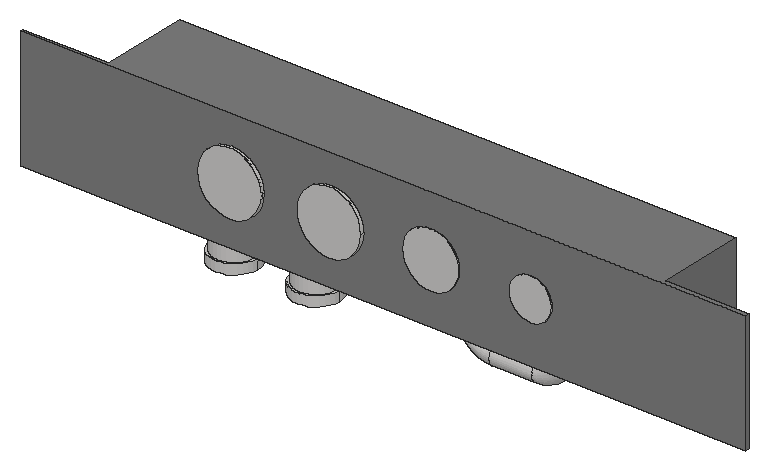
Revit family "5400NV", category Generic Models, Revit 2021
Family settings
  Can host rebar = No
  Round Connector Dimension = Use Diameter
  Part Type = Normal
  Work Plane-Based = No
  Always vertical = Yes
  Cut with Voids When Loaded = No
  Shared = No
  Room Calculation Point = No
Parameters
  e-mail = "info@vola.com"
  URL = "http://vola.com"
  Telephone = "+45 7023 5500"
  Quality management standard = "ISO 9001"
  Organisation no. / DUNS no. = "17531328"
  Occupational health and safety management standard = "ISO 18001"
  Mounting Instructions = "http://vola.com/service/producturl.ashx?name=5400NV"
  Model = "5400NV"
  Materials and components information = "http://vola.com/service/producturl.ashx?name=5400NV"
  Manufacturer = "VOLA A/S"
  Maintenance Instructions = "http://vola.com/service/producturl.ashx?name=5400NV"
  Guarantee = "2 years"
  Flow = "43,00 l/min"
  Environmental management standard = "ISO 14000"
  Default Elevation = 0.00 mm
  Connection - All relevant connections = ""
  Approvals = "http://vola.com/service/producturl.ashx?name=5400NV"
Reference planes
  plane 1 "Center (Front/Back)": y = 0
  plane 2: z = 0
  plane 3 "Center (Left/Right)": x = 0
  plane 4 "Inlet Center Plane": y = -29
  plane 5: z = 0
Forms (mm)
  Extrusion 1, solid, material "Default"
    sketch origin (10, 0, -69) x (1, 0, 0) y (0, 1, 0)
      loop
        line (-147.5, 0) -> (-147.5, -69) -> (288.5, -69) -> (288.5, 0) -> (-147.5, 0)
    from 21.5 to 116.5
  Extrusion 2, solid, material "Default"
    sketch origin (10, -1, -69) x (1, 0, 0) y (0, 1, 0)
      loop
        line (-215, -68) -> (-215, -70.5) -> (353.5, -70.5) -> (353.5, -68) -> (-215, -68)
    from 21.5 to 116.5
  Extrusion 3, solid, material "Stainless Steel"
    sketch origin (-59, -4, -47.5) x (0, 1, 0) y (1, 0, 0)
      loop
        circle (-25, -12) r 16.5
    from 0 to 29.77
  Extrusion 4, solid, material "Stainless Steel"
    sketch origin (5, -4, -47.5) x (0, 1, 0) y (1, 0, 0)
      loop
        circle (-25, -12) r 16.5
    from 0 to 29.77
  Extrusion 5, solid, material "Stainless Steel"
    sketch origin (-51.5, -71.5, -69) x (-1, 0, 0) y (0, 0, -1)
      loop
        circle (-12.5, -69) r 24.89
    from 0 to 2.5
  Extrusion 6, solid, material "Stainless Steel"
    sketch origin (26.5, -71.5, -69) x (-1, 0, 0) y (0, 0, -1)
      loop
        circle (-12.5, -69) r 24.89
    from 0 to 2.5
  Extrusion 7, solid, material "Stainless Steel"
    sketch origin (65.5, -71.5, -69) x (-1, 0, 0) y (0, 0, -1)
      loop
        circle (-51.5, -69) r 22
    from 0 to 0.26
  Extrusion 8, solid, material "Stainless Steel"
    sketch origin (-59, -4, -77.27) x (-1, 0, 0) y (0, 1, 0)
      loop
        circle (12, -25) r 18.5
    from 0 to 7.73
  Extrusion 9, solid, material "Stainless Steel"
    sketch origin (5, -4, -77.27) x (-1, 0, 0) y (0, 1, 0)
      loop
        circle (12, -25) r 18.5
    from 0 to 7.73
  Sweep 10, solid, material "Stainless Steel"
    path origin (92, -35.26, 1134.2) x (-1, 0, 0) y (0, 0, 1)
      loop
        line (-25, -1181.7) -> (-25, -1186.2)
        arc (-25, -1186.2) -> (-31.59, -1202.11) -> (-47.5, -1208.7) r 22.5
        line (-47.5, -1208.7) -> (-80.5, -1208.7)
        arc (-80.5, -1208.7) -> (-96.41, -1202.11) -> (-103, -1186.2) r 22.5
        line (-103, -1186.2) -> (-103, -1181.7)
    profile origin (117, -35.26, -49.75) x (0, 1, 0) y (-1, 0, 0)
      loop
        circle (0, 0) r 7.5
  Extrusion 11, solid, material "Stainless Steel"
    sketch origin (143.5, -71.5, -69) x (-1, 0, 0) y (0, 0, -1)
      loop
        circle (-51.5, -69) r 16.5
    from 0 to 0.26
Cuts and joins
  joined: Extrusion 1, Extrusion 2
Lines and regions (mm)
  reference lines
    curve 1: line (117, -29, 0) -> (117, -121.5, 0)
    curve 2: line (39, -29, 0) -> (39, -121.5, 0)
    curve 3: line (-39, -29, 0) -> (-39, -121.5, 0)
    curve 4: line (-71, -29, 0) -> (-71, -29, -99)
    curve 5: line (-7, -29, 0) -> (-7, -29, -99)
    curve 6: line (117, -35.26, 97.5) -> (117, -35.26, -97.5)
    curve 7: line (195, -29, 0) -> (195, -121.5, 0)
Dimensions and locks
  aligned and locked: plane 2 to level
  aligned and locked: Extrusion 1 to Extrusion 2
  aligned and locked: Extrusion 2 to Extrusion 1
